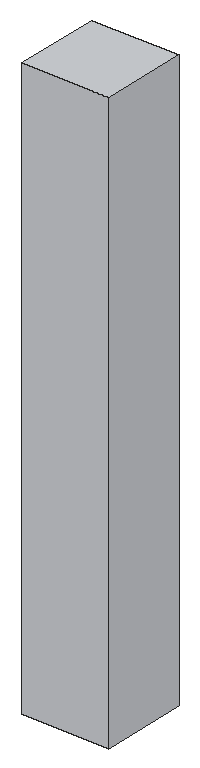
Revit family "Demo", category Structural Columns, Revit 2020
Family settings
  Display in Hidden Views = Edges Hidden by Other Members
  Section Shape = Not Defined
  Material for Model Behavior = Concrete
  Always export as geometry = No
  Beam cutback in plan = From bounding box
  OmniClass Number = 23.25.30.11.14.11
  OmniClass Title = Columns
  Cut with Voids When Loaded = No
  Symbolic Representation = From Family
  Shared = No
  Show family pre-cut in plan views = Yes
Parameters
  Width = 600 mm
  Depth = 600 mm
Reference planes
  plane 1 "Center (Front/Back)": y = 0
  plane 2: z = 0
  plane 3 "Center (Left/Right)": x = 0
  plane 4 "Left": x = -300
  plane 5 "Right": x = 300
  plane 6 "Back": y = 300
  plane 7 "Front": y = -300
Forms (mm)
  Extrusion 1, solid
    sketch origin (0, 0, 0) x (1, 0, 0) y (0, 1, 0)
      loop
        line (300, -300) -> (300, 300) -> (-300, 300) -> (-300, -300) -> (300, -300)
    from 0 to 4000
Dimensions and locks
  equal spacing: plane 4 "Left", plane 3 "Center (Left/Right)", plane 5 "Right"
  equal spacing: plane 7 "Front", plane 1 "Center (Front/Back)", plane 6 "Back"
  "Width": plane 4 "Left" to plane 5 "Right"
  "Depth": plane 7 "Front" to plane 6 "Back"
  aligned and locked: level to plane 2
  aligned and locked: Extrusion 1 sketch curve to plane 5 "Right"
  aligned and locked: Extrusion 1 sketch curve to plane 6 "Back"
  aligned and locked: Extrusion 1 sketch curve to plane 4 "Left"
  aligned and locked: Extrusion 1 sketch curve to plane 7 "Front"
